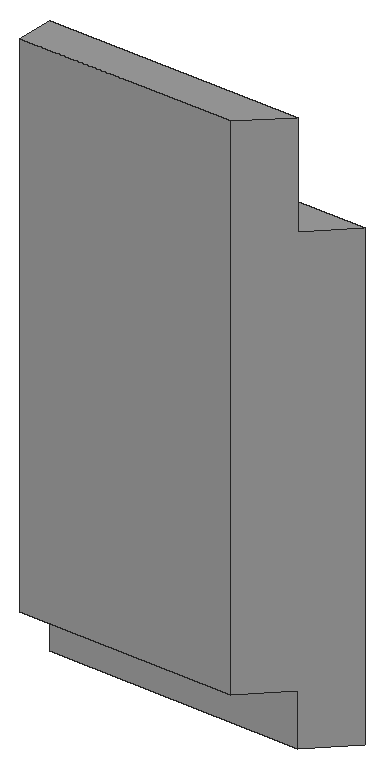
Revit family
Parameters (values of type "Gasbeton con risega")
  spessore blocco [instance] = 130 mm
  risega blocco superiore [instance] = 180 mm
  risega blocco inferiore [instance] = 90 mm
  risega blocco [instance] = 117 mm
  lunghezza taglio [instance] = 1000 mm
  larghezza blocco sx [instance] = 250 mm
  larghezza blocco dx [instance] = 250 mm
  larghezza blocco [instance] = 250 mm
  angolo dx [instance] = 45.00°
  angolo [instance] = 45.00°
  altezza blocco [instance] = 992 mm
  Volume Gasbeton [instance] = (altezza blocco * (larghezza blocco sx + larghezza blocco dx) * spessore blocco) - ((risega blocco superiore + risega blocco inferiore) * (spessore blocco / 2) * (larghezza blocco dx + larghezza blocco sx)) - (((1000 mm - lunghezza taglio + 1000 mm - lunghezza taglio + spessore blocco) * spessore blocco) / 2) * altezza blocco  # 0.0473226 m³
  Peso Gasbeton = 4000 N/m³
  Peso Blocco [instance] = Peso Gasbeton * Volume Gasbeton  # 0.18929 kN
  Materiale = Gasbeton
  Esposizione [instance] = ""
  Cost = 12
  Assembly Code = ""
Reference planes
  plane 1 "Centro (Fronte/Retro)": y = 0
  plane 2: z = 0
  plane 3 "Centro (Sinistra/Destra)": x = 0
  plane 4 "Sinistra": x = -250
  plane 5 "Destra": x = 250
  plane 6 "SUP": z = 4000
  plane 7: y = 130
  plane 8: z = 992
  plane 9: z = 812
  plane 10: z = 90
  plane 11: y = 65
  plane 12: x = 120
  plane 13: x = 750
Forms (mm)
  Extrusion 1, solid, material "Intonaco_bianco"
    sketch origin (0, 0, 0) x (0, 1, 0) y (0, 0, 1)
      loop
        line (0, 992) -> (0, 90) -> (65, 90) -> (65, 0) -> (130, 0) -> (130, 812) -> (65, 812) -> (65, 992) -> (0, 992)
    from -250 to 250
  Extrusion 2, void
    sketch origin (0, 0, 0) x (1, 0, 0) y (0, 1, 0)
      loop
        line (750, -30) -> (750, 630) -> (120, 0) -> (120, -30) -> (750, -30)
    from 0 to 992
Cuts and joins
  Extrusion 2 cuts Extrusion 1
Text (mm)
  text "Esterno" at (-2351.972, 1416.179, 0), in view "Livello rif."
  text "Esterno" at (0, 2290.741, 4406.713), in view "Sinistra"
  text "Esterno" at (0, 1328.187, 4120.349), in view "Destra"
Dimensions and locks
  "spessore blocco": plane 1 "Centro (Fronte/Retro)" to plane 7
  "altezza blocco": plane 8 to level
  equal spacing: plane 7, plane 11, plane 1 "Centro (Fronte/Retro)", locked at 65 each
  "risega blocco inferiore": plane 10 to level
  "risega blocco superiore": plane 8 to plane 9
  "larghezza blocco sx": Extrusion 1 to plane 3 "Centro (Sinistra/Destra)"
  "larghezza blocco dx": plane 3 "Centro (Sinistra/Destra)" to Extrusion 1
  locked: plane 12 to plane 13 at 630
  "lunghezza taglio": plane 4 "Sinistra" to plane 13
  aligned and locked: Extrusion 2 sketch curve to plane 13
  aligned and locked: Extrusion 2 sketch curve to plane 12
Automatic sketch dimensions
  Extrusion 1 sketch curve to plane 1 "Centro (Fronte/Retro)" = 0 mm
  Extrusion 1 sketch curve to plane 9 = 0 mm
  Extrusion 1 sketch curve to plane 11 = 0 mm  (x2)
  Extrusion 1 sketch curve to plane 10 = 0 mm
  Extrusion 1 sketch curve to plane 7 = 0 mm
  Extrusion 1 sketch curve to level = 0 mm
  Extrusion 1 sketch curve to plane 8 = 0 mm
  Extrusion 2 sketch curve to plane 1 "Centro (Fronte/Retro)" = 0 mm
  plane 1 "Centro (Fronte/Retro)" to Extrusion 2 sketch curve = 30 mm
  plane 7 to Extrusion 2 sketch curve = 500 mm
